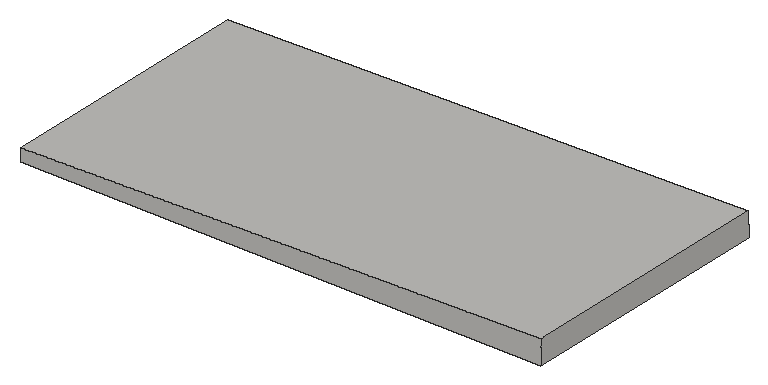
Revit family "ShowerBase_ProSlopeExtension_NobleCompany", category Specialty Equipment, host Face, Revit 2015
Parameters (values of type "20x40 Tapered")
  Width = 40"
  URL = "www.noblecompany.com"
  Type Comments = ""
  Tapered = yes
  Product Properties = "http://www.noblecompany.com/Portals/0/PRODUCT%20INFO/Product%20Descriptions/FreeStyle%20Linear%20Drain%20Product%20Decription%200410.pdf"
  Product Data = "http://www.noblecompany.com/Products/ShowerProducts/tabid/59/Default.aspx"
  Panel Size = 16"
  Model = "Pro Slope"
  MinThick = 1"
  Manufacturer Phone - Toll Free = "800-878-5788"
  Manufacturer Phone = "231-799-8000"
  Manufacturer Fax = "231-799-8850"
  Manufacturer Email = "mailto:sales@noblecompany.com"
  Manufacturer Address = "7300 Enterprise Drive, Spring Lake, MI  49456 USA"
  Manufacturer = "Noble Company"
  Hang = 1/8"
  Flat = no
  Drain Hole Diameter = 3"
  Depth = 20"
  Installation-Fabrication = "http://www.noblecompany.com/Portals/0/PRODUCT%20INFO/Product%20Descriptions/FreeStyle%20Linear%20Drain%20Product%20Decription%200410.pdf"
  Height = 1 7/8"
  Description = "Noble Pro Slope Shower Base"
  Cut_Side [instance] = 0"
  Cut_End [instance] = 0"
  Building Codes = "http://www.noblecompany.com/Portals/0/TECHNICAL%20INFO/Listing_Testing_Certification_Reports/PMG-1065%20Noble%20Company%20Linear%20Drain%20final%202.pdf"
  Base = Polymer coated Expanded Polystyrene
  Assembly Code = "D2030300"
  Default Elevation = 0"
Types (4): name | Width | Tapered | MinThick | Flat | Depth
  20x40 Flat | 40" | no | 1" | yes | 20"
  30x60 Flat | 60" | no | 1 1/4" | yes | 30"
  30x60 Tapered | 60" | yes | 1 1/4" | no | 30"
  20x40 Tapered | 40" | yes | 1" | no | 20"
Reference planes (in)
  plane 1 "Center (Front/Back)": y = 0
  plane 2: z = 0
  plane 3 "Center (Left/Right)": x = 0
  plane 4: x = 40
  plane 5: y = 20
  plane 6: z = 1.875
  plane 7: y = 20
  plane 8: x = 40
  plane 9: z = 1
Forms (in)
  Extrusion 1, solid, material "Polymer coated Expanded Polystyrene" <- "Base", visible <- "Tapered"
    sketch origin (0, 0, 0) x (1, 0, 0) y (0, 1, 0)
      loop
        line (0, 20) -> (0, 0) -> (40, 0) -> (40, 20) -> (0, 20)
    from 0 to 1.875
  Extrusion 2, void
    sketch origin (0, 0, 0) x (1, 0, 0) y (0, 1, 0)
      loop
        line (0, 20) -> (40, 20) -> (40, 0) -> (40.125, 0) -> (40.125, 20.125) -> (0, 20.125) -> (0, 20)
    from 0 to 1.875
  Extrusion 3, void
    sketch origin (0, 0, 0) x (1, 0, 0) y (0, 0, 1)
      loop
        line (40, 1.875) -> (0, 1.875) -> (0, 1) -> (40, 1.875)
    from 0 to -20
  Extrusion 4, solid, material "Polymer coated Expanded Polystyrene" <- "Base", visible <- "Flat"
    sketch origin (0, 0, 0) x (1, 0, 0) y (0, 1, 0)
      loop
        line (0, 20) -> (0, 0) -> (40, 0) -> (40, 20) -> (0, 20)
    from 0 to 1
Cuts and joins
  Extrusion 2, Extrusion 3 cuts Extrusion 1
  Extrusion 2 cuts Extrusion 4
Dimensions and locks (in)
  "Height": plane 6 to level
  "Cut_Side": plane 5 to plane 7
  "Cut_End": plane 8 to plane 4
  "Hang": plane 4 to Extrusion 2 sketch curve
  "Hang": Extrusion 2 sketch curve to plane 5
  "MinThick": plane 9 to level
  "Width": plane 3 "Center (Left/Right)" to plane 4
  "Depth": plane 1 "Center (Front/Back)" to plane 5
  "MinThick": Extrusion 3 sketch curve to level
  "Height": Extrusion 3 sketch curve to level
  aligned and locked: host face to plane 2
  aligned and locked: host face to level
  aligned and locked: Extrusion 1 sketch curve to plane 5
  aligned and locked: Extrusion 1 sketch curve to plane 4
  aligned and locked: Extrusion 1 to plane 6
  aligned and locked: Extrusion 2 sketch curve to plane 7
  aligned and locked: Extrusion 2 sketch curve to plane 8
  aligned and locked: Extrusion 2 to plane 6
  aligned and locked: Extrusion 1 sketch curve to plane 1 "Center (Front/Back)"
  aligned and locked: plane 3 "Center (Left/Right)" to Extrusion 1 sketch curve
  aligned and locked: plane 3 "Center (Left/Right)" to Extrusion 2 sketch curve
  aligned and locked: Extrusion 3 sketch curve to plane 3 "Center (Left/Right)"
  aligned and locked: plane 5 to Extrusion 3
  aligned and locked: Extrusion 4 sketch curve to plane 5
  aligned and locked: plane 3 "Center (Left/Right)" to Extrusion 4 sketch curve
  aligned and locked: Extrusion 4 sketch curve to plane 1 "Center (Front/Back)"
  aligned and locked: Extrusion 4 sketch curve to plane 4
  aligned and locked: Extrusion 4 to plane 9
Automatic sketch dimensions
  host sketch curve to host sketch curve = 145.84501"
  host sketch curve to host sketch curve = 91.0741"
  plane 1 "Center (Front/Back)" to Extrusion 2 sketch curve = 0"
  Extrusion 3 sketch curve to plane 4 = 0"
